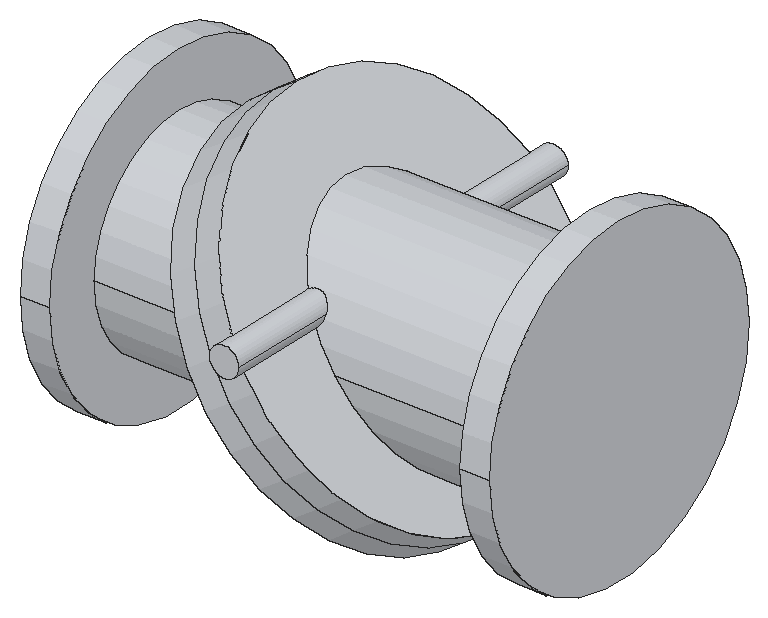
Revit family "815d88905b5d4896807472abd3ce9feb", category Pipe Accessories, Revit 2021
Family settings
  Round Connector Dimension = Use Radius
  Part Type = Valve - Breaks Into
  OmniClass Number = 23.65.55.14.17
  OmniClass Title = Adjusting/Controlling Valves for Liquid Services
  Work Plane-Based = No
  Always vertical = Yes
  Cut with Voids When Loaded = No
  Shared = No
Parameters (values of type "6"")
  Valve Material = none
  Symbol Length = 0.5 * Valve Length * tan(30.00°)  # 4.6188"
  Stem Radius = Valve Length / 10  # 1.6"
  Length 4 = Flange Thickness / 2  # 1/2"
  Length 3 = Flange Radius * 1.2  # 6.61406"
  Length 2 = 0" - Flange Thickness  # -1"
  Length 1 = Flange Radius * 1.1 + 1/2"  # 6.56289"
  Flange Diameter = 11 3/128"
  Valve Width = 14"
  Default Elevation = 0"
  Body Radius = Nominal Radius * 1.05 + 1/2"  # 3.65"
  Valve Height = 5 1/2"
  Nominal Radius = 3"
  Nominal Diameter = Nominal Radius * 2  # 6"
  K Coefficient = 7
  Flange Thickness = 1"
  Flange Radius = Flange Diameter / 2  # 5 131/256"
  Valve Length = 16"
Reference planes (in)
  plane 1 "Center (Front/Back)": y = 0
  plane 2: z = 0
  plane 3 "Center (Left/Right)": x = 0
  plane 4: x = -8
  plane 5: x = 8
  plane 6: x = -7
  plane 7: x = 7
  plane 8: y = 5.51172
  plane 9: y = -5.51172
  plane 10: y = -4.6188
  plane 11: y = 4.6188
  plane 12: y = 3.65
  plane 13: y = -7
  plane 14: y = 7
Forms (in)
  Extrusion 1, solid, material <- "Valve Material", detail levels fine
    sketch origin (0, 0, 0) x (0, 1, 0) y (0, 0, 1)
      loop
        circle (0, 0) r 5.51172
    from -8 to -7
  Extrusion 2, solid, material <- "Valve Material", detail levels fine
    sketch origin (0, 0, 0) x (0, 1, 0) y (0, 0, 1)
      loop
        circle (0, 0) r 5.51172
    from 7 to 8
  Revolve 3, solid, material <- "Valve Material", detail levels fine
    sketch origin (0, 0, 0) x (1, 0, 0) y (0, 1, 0)
      loop
        line (-7, 0) -> (7, 0) -> (7, 3.65) -> (-7, 3.65) -> (-7, 0)
      axis (-7, 0) -> (7, 0)
    angle from 0 to 360
  Extrusion 4, solid, material <- "Valve Material", detail levels fine
    sketch origin (0, 0, 0) x (0.573576, 0, -0.819152) y (0, -1, 0)
      loop
        circle (0, 0) r 6.56289
    from 0 to -1 <- "Length 2"
  Extrusion 5, solid, material <- "Valve Material", detail levels fine
    sketch origin (0, 0, 0) x (0.573576, 0, -0.819152) y (0, -1, 0)
      loop
        circle (0, 0) r 6.56289
    from 0 to 1 <- "Flange Thickness"
  Extrusion 6, solid, material <- "Valve Material", detail levels fine
    sketch origin (0, 0, 0) x (1, 0, 0) y (0, 0, 1)
      loop
        circle (0.15359, 1.5241) r 0.5
    from -7 to 7
Cuts and joins
  joined: Extrusion 1, Extrusion 2
  joined: Revolve 3, Extrusion 4, Extrusion 5, Extrusion 6
Lines and regions (in)
  model lines, detail levels coarse+medium
    curve 1: line (-8, 4.6188, 0) -> (-8, -4.6188, 0)
    curve 2: line (8, 4.6188, 0) -> (8, -4.6188, 0)
    curve 3: line (8, -4.6188, 0) -> (-8, 4.6188, 0)
    curve 4: line (-8, -4.6188, 0) -> (0, 0, 0)
  reference lines, not visible
    curve 5: line (0, 0, 0) -> (0.86036, 0, -1.22873)
Dimensions and locks (in)
  equal spacing: plane 8, plane 1 "Center (Front/Back)", plane 9
  "Flange Radius": plane 8 to plane 1 "Center (Front/Back)"
  equal spacing: plane 4, plane 3 "Center (Left/Right)", plane 5
  "Valve Length": plane 4 to plane 5
  "Flange Thickness": plane 4 to plane 6
  "Flange Thickness": plane 7 to plane 5
  "Symbol Length": plane 11 to plane 1 "Center (Front/Back)"
  "Symbol Length": plane 1 "Center (Front/Back)" to plane 10
  "Body Radius": plane 12 to plane 1 "Center (Front/Back)"
  "Body Radius": Revolve 3 sketch curve to Revolve 3 sketch curve
  equal spacing: plane 14, plane 1 "Center (Front/Back)", plane 13
  "Valve Width": plane 14 to plane 13
  "Flange Radius": radius of Extrusion 1 sketch curve
  "Flange Radius": radius of Extrusion 2 sketch curve
  "Length 1": radius of Extrusion 4 sketch curve
  "Length 1": radius of Extrusion 5 sketch curve
  "Length 4": radius of Extrusion 6 sketch curve
  aligned and locked: plane 1 "Center (Front/Back)" to Extrusion 1 sketch curve
  aligned and locked: plane 2 to Extrusion 1 sketch curve
  aligned and locked: Extrusion 1 to plane 4
  aligned and locked: plane 6 to Extrusion 1
  aligned and locked: plane 1 "Center (Front/Back)" to Extrusion 2 sketch curve
  aligned and locked: plane 2 to Extrusion 2 sketch curve
  aligned and locked: plane 7 to Extrusion 2
  aligned and locked: plane 5 to Extrusion 2
  aligned and locked: cut or joined group of Extrusion 1, Extrusion 2 to plane 4
  aligned and locked: plane 5 to cut or joined group of Extrusion 1, Extrusion 2
  aligned and locked: curve 1 to plane 4
  aligned and locked: plane 10 to curve 1
  aligned and locked: plane 11 to curve 1
  aligned and locked: plane 11 to curve 2
  aligned and locked: plane 10 to curve 2
  aligned and locked: plane 1 "Center (Front/Back)" to Revolve 3 sketch curve
  aligned and locked: Revolve 3 sketch curve to plane 6
  aligned and locked: Revolve 3 sketch curve to plane 7
  aligned and locked: plane 3 "Center (Left/Right)" to curve 5
  aligned and locked: level to curve 5
  aligned and locked: plane 14 to Extrusion 6
  aligned and locked: Extrusion 6 to plane 13
  aligned and locked: Extrusion 4 to Extrusion 6 sketch curve
Automatic sketch dimensions
  plane 1 "Center (Front/Back)" to curve 4 = 0"
  curve 3 to plane 5 = 0"
  plane 1 "Center (Front/Back)" to Revolve 3 sketch curve = 0"
  Revolve 3 sketch curve to plane 4 = 8.84261"
  plane 5 to Revolve 3 sketch curve = 8.78239"
  Extrusion 4 sketch curve to curve 5 = 0"  (x2)
  Extrusion 5 sketch curve to curve 5 = 0"  (x2)
  plane 3 "Center (Left/Right)" to curve 5 = 0.86036"
  curve 5 to level = 1.22873"
  plane 3 "Center (Left/Right)" to Extrusion 6 sketch curve = 0.15359"
Connectors (in)
  piping at (-8, 0, 0), diameter 6, driven by "Nominal Radius"
    settings: on cut or joined group of Extrusion 1, Extrusion 2, index 1, connector inside diameter 2", connector length 0", flow factor 0, pipe flow 0 GPM, pressure drop 0.00 psi, fitting loss kfactor 0, connector angle 0.00°, fixture units 0, engagement length 0", angle of deflection 0.00°, flow configuration 0, flow direction 1, fitting loss method 2, system type 29, joint type 0, gender type 0, connector reference index 2, connector utility 0, adjustable connector no, is connector primary yes, connector description "In"
  piping at (8, 0, 0), diameter 6, driven by "Nominal Radius"
    settings: on cut or joined group of Extrusion 1, Extrusion 2, index 2, connector inside diameter 24", connector length 0", flow factor 0, pipe flow 0 GPM, pressure drop 0.00 psi, fitting loss kfactor 0, connector angle 0.00°, fixture units 0, engagement length 0", angle of deflection 0.00°, flow configuration 0, flow direction 2, fitting loss method 0, system type 29, joint type 0, gender type 0, connector reference index 1, connector utility 0, adjustable connector no, is connector primary no, connector description "Out"
